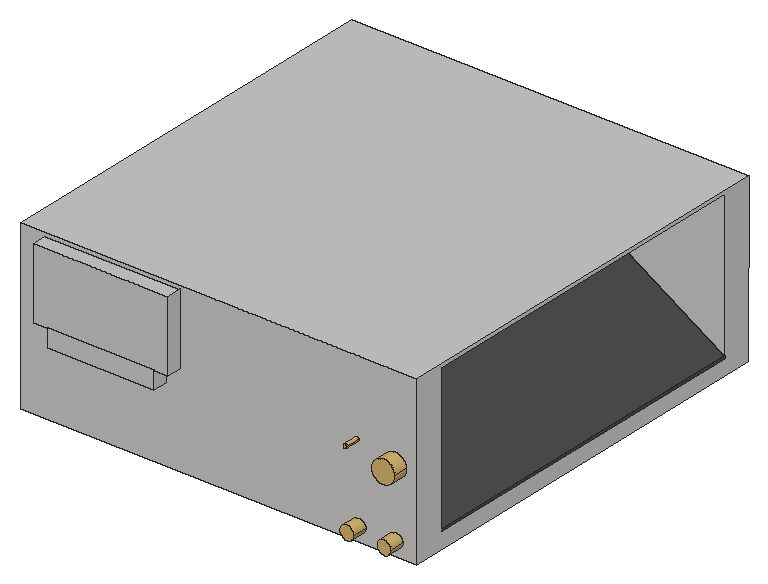
Revit family
Parameters (values of type "PEFY-P96NMHU-E")
  Unit Weight (LBS) = "221"
  Subcategory = "HVAC"  # constant formula
  Specification URL = "http://www.mrslim.com/customerCare/resources.asp"
  Sound Pressure Levels (dB(A)) = "54"
  SmartBIM Object Version = 3  # constant formula
  SmartBIM Object Created By = "Reed Construction Data"  # constant formula
  Refrigerant Liquid (R410A) = "1/4\" flare"
  Refrigerant Liquid (R22) = "3/8\" flare"
  Refrigerant Gas (R410A) = "1/2\" flare"
  Refrigerant Gas (R22) = "5/8\" flare"
  Refirigerant Pipe diameter (Liquid) = "3/8\""
  Refirigerant Pipe diameter (Gas) = "7/8\""
  Power Source = "208-230V, 1 phase, 60Hz"
  Power Input Heating = "0.188 / 0.207 kW"
  Power Input Cooling = "0.188 / 0.207 kW"
  Piping Diameter  Low Pressure = ""
  Overall Width (A) = 4' - 1.22047"
  Overall Height = 1' - 6.5315"
  Motor Type = "Single phase induction motor"
  Motor Output = "0.130 kW"
  Model = "PEFY-P96NMHU-E"
  Manufacturer URL = "http://www.mrslim.com/customerCare/resources.asp"
  Manufacturer = "Mitsubishi Electric"  # constant formula
  MOCP = "15 A"
  MCA = "7.12/7.85"
  Liquid Pipe = 0' - 0.19685"
  Installation URL = "http://www.mrslim.com/customerCare/resources.asp"
  Heating Capacity (BTU) = "108000"
  Gas Connector Pipe = 0' - 0.76772"
  GENERAL FEATURES -05 = "Quiet operation: 25-54 dB(A)"
  GENERAL FEATURES -04 = "Multiple sizes up to 96,000 Btu/h"
  GENERAL FEATURES -03 = "High external static pressure capabilities"
  GENERAL FEATURES -02 = "Ducted fan coil supports multiple configurations for flexible installation"
  GENERAL FEATURES -01 = "R410A or R22 refrigerant-compatible"
  Filter box (Option) = "PAC-KE63TB-F"
  Fan capacity (CFM) = "2541"
  External Material = Galvanized Steel Plate
  E.S.P (In. W.G.) = ".40-.80"
  Duct Width = 1' - 3.07874"  # constant formula
  Duct Height = 0' - 7.87402"  # constant formula
  DrainPipe Dimensions = "1-1/4"
  Drain Hole Radius = 0' - 1.25984"  # constant formula
  Description = "Ceiling Concealed Ducted High Static"  # constant formula
  Depth = 3' - 8.12598"
  built-in parameter 1001320 = 4' - 0"
  Default Elevation = 4' - 0"
  Current Heating = "0.96-1.06 A"
  Current Cooling = "0.96-1.06 A"
  Cooling Capacity (BTU) = "96000"
  Connectors = Metal Gold
  Coil Type = "Cross fin"
  Assembly Code = "D3050200"
  Air Outlet Unit Material = Metal Grill
  Air Outlet Opening Height = Overall Height - 0' 2.40157"  # 1' - 4.12992"
  Air Outlet Opening Width = 3' - 3.37008"
  Air Inlet Unit Material = Grille
  Air Inlet Opening Width = 3' - 5.33858"
  Air Inlet Opening Height = Overall Height - 0' 0.7874"  # 1' - 5.74409"
  Air Filter = "Filter must be procured locally"
  95 CSI = "15760"  # constant formula
  04 CSI = "23 82 19 "  # constant formula
  *Heating capacity conditions = "Heating: Indoor 70°F (21°C) DB, Outdoor 47°F (8°C) DB / 43°F (6°C) WB"
  *Cooling capacity conditions = "Cooling: Indoor 80°F (27°C) DB / 67°F (19°C) WB, Outdoor 95°F (35°C) DB"
  (Option) Long-life filter = "PAC-KE86LAF"
  (Option) Drain pump kit = "PAC-KE04DM-F"
  (Option) Condensate pump = "SI1730-230"
  # of Blinds = Air Inlet Opening Width / 0' 1.5748"  # 26
Types (11): name | Unit Weight (LBS) | Sound Pressure Levels (dB(A)) | Refirigerant Pipe diameter (Liquid) | Refirigerant Pipe diameter (Gas) | Overall Width (A) | Overall Height | Model | MCA | Liquid Pipe | Heating Capacity (BTU) | Gas Connector Pipe | Fan capacity (CFM) | Depth | Cooling Capacity (BTU) | Air Outlet Opening Height | Air Outlet Opening Width | Air Inlet Opening Width | Air Inlet Opening Height | # of Blinds
  (no name) | "221" | "54" | "3/8\"" | "7/8\"" | 4' - 1.22047" | 1' - 6.5315" | "PEFY-P96NMHU-E" | "7.12/7.85" | 0' - 0.19685" | "108000" | 0' - 0.76772" | "2541" | 3' - 8.12598" | "96000" | 1' - 4.12992" | 3' - 3.37008" | 3' - 5.33858" | 1' - 5.74409" | 26
  PEFY-P15NMHU-E | "98" | "34-39" | "1/4\"" | "1/2\"" | 2' - 5.5315" | 1' - 2.9685" | "PEFY-P15NMHU-E" | "1.20/1.33" | 0' - 0.25197" | "17000" | 0' - 0 1/2" | "353-494" | 2' - 11.43701" | "15000" | 1' - 0.56693" | 1' - 9.65354" | 1' - 11.62205" | 1' - 2.1811" | 15
  PEFY-P18NMHU-E | "100" | "34-39" | "1/4\"" | "1/2\"" | 2' - 5 17/32" | 1' - 2 31/32" | "PEFY-P18NMHU-E" | "1.20/1.33" | 0' - 0 3/8" | "20000" | 0' - 0 5/8" | "353-494" | 2' - 11 7/16" | "18000" | 1' - 0.56718" | 1' - 9 167/256" | 1' - 11 159/256" | 1' - 2.18135" | 15
  PEFY-P24NMHU-E | "100" | "36-41" | "3/8\"" | "5/8\"" | 2' - 5 17/32" | 1' - 2 31/32" | "PEFY-P24NMHU-E" | "1.57/1.73" | 0' - 0 3/8" | "27000" | 0' - 0 5/8" | " 477-671" | 2' - 11 7/16" | "24000" | 1' - 0.56718" | 1' - 9 167/256" | 1' - 11 159/256" | 1' - 2.18135" | 15
  PEFY-P27NMHU-E | "111" | "35-41" | "3/8\"" | "5/8\"" | 3' - 3 3/8" | 1' - 2 31/32" | "PEFY-P27NMHU-E" | "1.72/1.89" | 0' - 0 25/128" | "30000" | 0' - 0 5/8" | "547-777" | 2' - 11 7/16" | "27000" | 1' - 0.56718" | 2' - 7 127/256" | 2' - 9 119/256" | 1' - 2.18135" | 21
  PEFY-P30NMHU-E | "111" | "38-43" | "3/8\"" | "5/8\"" | 3' - 3 3/8" | 1' - 2 31/32" | "PEFY-P30NMHU-E" | "1.20 /1.33 A" | 0' - 0 25/128" | "34000" | 0' - 0 5/8" | "636-883" | 2' - 11 7/16" | "30000" | 1' - 0.56718" | 2' - 7 127/256" | 2' - 9 119/256" | 1' - 2.18135" | 21
  PEFY-P36NMHU-E | "155" | "38-44" | "3/8\"" | "5/8\"" | 3' - 11 1/4" | 1' - 2 31/32" | "PEFY-P36NMHU-E" | "4.23/4.67" | 0' - 0 25/128" | "40000" | 0' - 0 197/256" | "936-1342" | 2' - 11 7/16" | "36000" | 1' - 0.56718" | 3' - 3 95/256" | 3' - 5 87/256" | 1' - 2.18135" | 26
  PEFY-P48NMHU-E | "155" | "38-44" | "3/8\"" | "5/8\"" | 3' - 11 1/4" | 1' - 2 31/32" | "PEFY-P48NMHU-E" | "4.23/4.67" | 0' - 0 25/128" | "54000" | 0' - 0 197/256" | "936-1342" | 2' - 11 7/16" | "48000" | 1' - 0.56718" | 3' - 3 95/256" | 3' - 5 87/256" | 1' - 2.18135" | 26
  PEFY-P54NMHU-E | "155" | "38-44" | "3/8\"" | "5/8\"" | 3' - 11 1/4" | 1' - 2 31/32" | "PEFY-P54NMHU-E" | "4.29/4.73" | 0' - 0 25/128" | "60000" | 0' - 0 197/256" | "936-1342" | 2' - 11 7/16" | "54000" | 1' - 0.56718" | 3' - 3 95/256" | 3' - 5 87/256" | 1' - 2.18135" | 26
  PEFY-P72NMHU-E | "221" | "47" | "3/8\"" | "3/4\"" | 4' - 1 7/32" | 1' - 6 17/32" | "PEFY-P72NMHU-E" | "5.60/6.18" | 0' - 0 65/256" | "80000" | 0' - 0 197/256" | "2048" | 3' - 8 1/8" | "72000" | 1' - 4.12968" | 3' - 3 95/256" | 3' - 5 87/256" | 1' - 5.74385" | 26
  PEFY-P96NMHU-E | "221" | "54" | "3/8\"" | "7/8\"" | 4' - 1.22047" | 1' - 6.5315" | "PEFY-P96NMHU-E" | "7.12/7.85" | 0' - 0.19685" | "108000" | 0' - 0.76772" | "2541" | 3' - 8.12598" | "96000" | 1' - 4.12992" | 3' - 3.37008" | 3' - 5.33858" | 1' - 5.74409" | 26
Reference planes (in)
  plane 1 "Center (Front/Back)": y = -3.21394
  plane 2: z = 0
  plane 3 "Center (Left/Right)": x = -5.98444
  plane 4: x = -28.04744
  plane 5: x = 16.07855
  plane 6: y = -27.82418
  plane 7: y = 21.39629
  plane 8: y = 19.78212
  plane 9: y = -26.21
  plane 10: x = -25.68523
  plane 11: x = 13.71634
  plane 12: z = 18.5315
  plane 13: z = 18.1378
  plane 14: y = 17.45535
  plane 15: z = 0.3937
  plane 16: y = -23.88323
  plane 17: y = 16.4711
  plane 18: y = -22.89898
  plane 19: x = -25.29153
  plane 20: x = -10.32869
  plane 21: z = 10.26378
  plane 22: z = 8.29528
  plane 23: x = -23.71673
  plane 24: x = -11.90349
  plane 25: y = -53.76906
  plane 26: x = -20.17342
  plane 27: y = -36.05252
  plane 28: x = -2.45688
Forms (in)
  Extrusion 1, solid, material "Galvanized Steel Plate" <- "External Material"
    sketch origin (-5.98444, 0, 0) x (0, 1, 0) y (0, 0, 1)
      loop
        line (19.78212, 18.5315) -> (-26.21, 18.5315) -> (-26.21, 0) -> (19.78212, 0) -> (19.78212, 18.5315)
    from -22.06299 to 22.06299
  Extrusion 2, void
    sketch origin (-5.98444, 0, 0) x (0, 1, 0) y (0, 0, 1)
      loop
        line (17.45535, 18.1378) -> (-23.88323, 18.1378) -> (-23.88323, 0.3937) -> (17.45535, 0.3937) -> (17.45535, 18.1378)
    from -22.06299 to -19.70079
  Extrusion 3, void
    sketch origin (16.07855, 36.52144, 48) x (0, -1, 0) y (0, 0, 1)
      loop
        line (59.42042, -29.8622) -> (20.05034, -29.8622) -> (20.05034, -45.99213) -> (59.42042, -45.99213) -> (59.42042, -29.8622)
    from 0 to 22.06299
  Extrusion 4, solid, material "Galvanized Steel Plate" <- "External Material"
    sketch origin (-5.98444, 0, 0) x (0, 1, 0) y (0, 0, 1)
      loop
        line (-27.82418, 10.26378) -> (-26.21, 10.26378) -> (-26.21, 18.1378) -> (-27.82418, 18.1378) -> (-27.82418, 10.26378)
    from -4.34424 to -19.30709
  Extrusion 5, solid, material "Galvanized Steel Plate" <- "External Material"
    sketch origin (0, -3.21394, 0) x (1, 0, 0) y (0, 0, 1)
      loop
        line (-23.71673, 8.29528) -> (-11.90349, 8.29528) -> (-11.90349, 10.26378) -> (-23.71673, 10.26378) -> (-23.71673, 8.29528)
    from 22.99606 to 24.61024
  Extrusion 6, void
    sketch origin (0, 65.76518, 18.5315) x (-1, 0, 0) y (0, 1, 0)
      loop
        line (20.3885, -48.30983) -> (5.94507, -48.30983) -> (5.94507, -89.64841) -> (20.3885, -89.64841) -> (20.3885, -48.30983)
    from 13.77953 to 14.17323
  Extrusion 7, solid, material "Galvanized Steel Plate" <- "External Material"
    sketch origin (-9.93498, -8.85827, 0) x (0, 1, 0) y (0, 0, 1)
      loop
        line (-15.02496, 0.3937) -> (-15.02496, 0.27142) -> (-14.04071, 0.00769) -> (-14.04071, 0.12997) -> (-15.02496, 0.3937)
    from -14.79776 to -0.3937
  Extrusion 8, solid, material "Galvanized Steel Plate" <- "External Material"
    sketch origin (-5.59074, 31.49606, 0) x (0, 1, 0) y (0, 0, 1)
      loop
        line (-15.02496, 0.3937) -> (-15.02496, 0.27142) -> (-14.04071, 0.00769) -> (-14.04071, 0.12997) -> (-15.02496, 0.3937)
    from -14.79776 to -0.3937
  Extrusion 9, solid, material "Galvanized Steel Plate" <- "External Material"
    sketch origin (-9.76121, -7.24409, 0) x (0, 1, 0) y (0, 0, 1)
      loop
        line (-15.02496, 0.3937) -> (-15.02496, 0.27142) -> (-14.04071, 0.00769) -> (-14.04071, 0.12997) -> (-15.02496, 0.3937)
    from -14.79776 to -0.3937
  Extrusion 10, solid, material "Galvanized Steel Plate" <- "External Material"
    sketch origin (-9.58745, -5.62992, 0) x (0, 1, 0) y (0, 0, 1)
      loop
        line (-15.02496, 0.3937) -> (-15.02496, 0.27142) -> (-14.04071, 0.00769) -> (-14.04071, 0.12997) -> (-15.02496, 0.3937)
    from -14.79776 to -0.3937
  Extrusion 11, solid, material "Galvanized Steel Plate" <- "External Material"
    sketch origin (-9.41368, -4.01575, 0) x (0, 1, 0) y (0, 0, 1)
      loop
        line (-15.02496, 0.3937) -> (-15.02496, 0.27142) -> (-14.04071, 0.00769) -> (-14.04071, 0.12997) -> (-15.02496, 0.3937)
    from -14.79776 to -0.3937
  Extrusion 12, solid, material "Galvanized Steel Plate" <- "External Material"
    sketch origin (-9.23991, -2.40157, 0) x (0, 1, 0) y (0, 0, 1)
      loop
        line (-15.02496, 0.3937) -> (-15.02496, 0.27142) -> (-14.04071, 0.00769) -> (-14.04071, 0.12997) -> (-15.02496, 0.3937)
    from -14.79776 to -0.3937
  Extrusion 13, solid, material "Galvanized Steel Plate" <- "External Material"
    sketch origin (-9.06614, -0.7874, 0) x (0, 1, 0) y (0, 0, 1)
      loop
        line (-15.02496, 0.3937) -> (-15.02496, 0.27142) -> (-14.04071, 0.00769) -> (-14.04071, 0.12997) -> (-15.02496, 0.3937)
    from -14.79776 to -0.3937
  Extrusion 14, solid, material "Galvanized Steel Plate" <- "External Material"
    sketch origin (-8.89237, 0.82677, 0) x (0, 1, 0) y (0, 0, 1)
      loop
        line (-15.02496, 0.3937) -> (-15.02496, 0.27142) -> (-14.04071, 0.00769) -> (-14.04071, 0.12997) -> (-15.02496, 0.3937)
    from -14.79776 to -0.3937
  Extrusion 15, solid, material "Galvanized Steel Plate" <- "External Material"
    sketch origin (-8.7186, 2.44094, 0) x (0, 1, 0) y (0, 0, 1)
      loop
        line (-15.02496, 0.3937) -> (-15.02496, 0.27142) -> (-14.04071, 0.00769) -> (-14.04071, 0.12997) -> (-15.02496, 0.3937)
    from -14.79776 to -0.3937
  Extrusion 16, solid, material "Galvanized Steel Plate" <- "External Material"
    sketch origin (-8.54483, 4.05512, 0) x (0, 1, 0) y (0, 0, 1)
      loop
        line (-15.02496, 0.3937) -> (-15.02496, 0.27142) -> (-14.04071, 0.00769) -> (-14.04071, 0.12997) -> (-15.02496, 0.3937)
    from -14.79776 to -0.3937
  Extrusion 17, solid, material "Galvanized Steel Plate" <- "External Material"
    sketch origin (-8.37106, 5.66929, 0) x (0, 1, 0) y (0, 0, 1)
      loop
        line (-15.02496, 0.3937) -> (-15.02496, 0.27142) -> (-14.04071, 0.00769) -> (-14.04071, 0.12997) -> (-15.02496, 0.3937)
    from -14.79776 to -0.3937
  Extrusion 18, solid, material "Galvanized Steel Plate" <- "External Material"
    sketch origin (-8.19729, 7.28346, 0) x (0, 1, 0) y (0, 0, 1)
      loop
        line (-15.02496, 0.3937) -> (-15.02496, 0.27142) -> (-14.04071, 0.00769) -> (-14.04071, 0.12997) -> (-15.02496, 0.3937)
    from -14.79776 to -0.3937
  Extrusion 19, solid, material "Galvanized Steel Plate" <- "External Material"
    sketch origin (-8.02352, 8.89764, 0) x (0, 1, 0) y (0, 0, 1)
      loop
        line (-15.02496, 0.3937) -> (-15.02496, 0.27142) -> (-14.04071, 0.00769) -> (-14.04071, 0.12997) -> (-15.02496, 0.3937)
    from -14.79776 to -0.3937
  Extrusion 20, solid, material "Galvanized Steel Plate" <- "External Material"
    sketch origin (-7.84975, 10.51181, 0) x (0, 1, 0) y (0, 0, 1)
      loop
        line (-15.02496, 0.3937) -> (-15.02496, 0.27142) -> (-14.04071, 0.00769) -> (-14.04071, 0.12997) -> (-15.02496, 0.3937)
    from -14.79776 to -0.3937
  Extrusion 21, solid, material "Galvanized Steel Plate" <- "External Material"
    sketch origin (-7.67598, 12.12598, 0) x (0, 1, 0) y (0, 0, 1)
      loop
        line (-15.02496, 0.3937) -> (-15.02496, 0.27142) -> (-14.04071, 0.00769) -> (-14.04071, 0.12997) -> (-15.02496, 0.3937)
    from -14.79776 to -0.3937
  Extrusion 22, solid, material "Grille" <- "Air Inlet Unit Material"
    sketch origin (16.07855, 36.52144, 48) x (0, 1, 0) y (0, 0, 1)
      loop
        line (-19.06609, -47.6063) -> (-19.06609, -29.8622) -> (-60.40467, -29.8622) -> (-60.40467, -47.6063) -> (-19.06609, -47.6063)
    from -44.12598 to -43.61417
  Extrusion 23, solid, material "Metal Grill" <- "Air Outlet Unit Material"
    sketch origin (0, -3.21394, 0) x (1, 0, 0) y (0, 0, 1)
      loop
        line (16.07855, 2.00787) -> (-10.32869, 18.1378) -> (-10.32869, 17.9265) -> (16.07855, 1.79658) -> (16.07855, 2.00787)
    from -19.68504 to 19.68504
  Extrusion 24, solid, material "Galvanized Steel Plate" <- "External Material"
    sketch origin (0, -3.21394, 0) x (1, 0, 0) y (0, 0, 1)
      loop
        line (-17.81011, 0.3937) -> (-17.81011, 0) -> (-17.50576, 0) -> (-17.50576, 0.3937) -> (-17.81011, 0.3937)
    from -20.66929 to 20.66929
  Extrusion 25, solid, material "Metal Gold" <- "Connectors"
    sketch origin (0, -3.21394, 0) x (1, 0, 0) y (0, 0, 1)
      loop
        circle (13.69527, 1.55512) r 0.76772
    from 22.99606 to 24.61024
  Extrusion 26, solid, material "Metal Gold" <- "Connectors"
    sketch origin (-4.13386, -3.21394, 0) x (1, 0, 0) y (0, 0, 1)
      loop
        circle (13.69527, 1.5748) r 0.76772
    from 22.99606 to 24.61024
  Extrusion 27, solid, material "Metal Gold" <- "Connectors"
    sketch origin (-4.13386, -3.21394, 3.14961) x (1, 0, 0) y (0, 0, 1)
      loop
        circle (13.47973, 6.9914) r 0.19685
    from 22.99606 to 24.61024
  Extrusion 28, solid, material "Metal Gold" <- "Connectors"
    sketch origin (-0.09843, -3.21394, 3.14961) x (1, 0, 0) y (0, 0, 1)
      loop
        circle (13.69527, 5.93307) r 1.25984
    from 22.99606 to 24.61024
  Extrusion 29, solid, material "Galvanized Steel Plate" <- "External Material"
    sketch origin (-7.50221, 13.74016, 0) x (0, 1, 0) y (0, 0, 1)
      loop
        line (-15.02496, 0.3937) -> (-15.02496, 0.27142) -> (-14.04071, 0.00769) -> (-14.04071, 0.12997) -> (-15.02496, 0.3937)
    from -14.79776 to -0.3937
  Extrusion 30, solid, material "Galvanized Steel Plate" <- "External Material"
    sketch origin (-7.32844, 15.35433, 0) x (0, 1, 0) y (0, 0, 1)
      loop
        line (-15.02496, 0.3937) -> (-15.02496, 0.27142) -> (-14.04071, 0.00769) -> (-14.04071, 0.12997) -> (-15.02496, 0.3937)
    from -14.79776 to -0.3937
  Extrusion 31, solid, material "Galvanized Steel Plate" <- "External Material"
    sketch origin (-7.15467, 16.9685, 0) x (0, 1, 0) y (0, 0, 1)
      loop
        line (-15.02496, 0.3937) -> (-15.02496, 0.27142) -> (-14.04071, 0.00769) -> (-14.04071, 0.12997) -> (-15.02496, 0.3937)
    from -14.79776 to -0.3937
  Extrusion 32, solid, material "Galvanized Steel Plate" <- "External Material"
    sketch origin (-6.9809, 18.58268, 0) x (0, 1, 0) y (0, 0, 1)
      loop
        line (-15.02496, 0.3937) -> (-15.02496, 0.27142) -> (-14.04071, 0.00769) -> (-14.04071, 0.12997) -> (-15.02496, 0.3937)
    from -14.79776 to -0.3937
  Extrusion 33, solid, material "Galvanized Steel Plate" <- "External Material"
    sketch origin (-6.80713, 20.19685, 0) x (0, 1, 0) y (0, 0, 1)
      loop
        line (-15.02496, 0.3937) -> (-15.02496, 0.27142) -> (-14.04071, 0.00769) -> (-14.04071, 0.12997) -> (-15.02496, 0.3937)
    from -14.79776 to -0.3937
  Extrusion 34, solid, material "Galvanized Steel Plate" <- "External Material"
    sketch origin (-6.63336, 21.81102, 0) x (0, 1, 0) y (0, 0, 1)
      loop
        line (-15.02496, 0.3937) -> (-15.02496, 0.27142) -> (-14.04071, 0.00769) -> (-14.04071, 0.12997) -> (-15.02496, 0.3937)
    from -14.79776 to -0.3937
  Extrusion 35, solid, material "Galvanized Steel Plate" <- "External Material"
    sketch origin (-6.45959, 23.4252, 0) x (0, 1, 0) y (0, 0, 1)
      loop
        line (-15.02496, 0.3937) -> (-15.02496, 0.27142) -> (-14.04071, 0.00769) -> (-14.04071, 0.12997) -> (-15.02496, 0.3937)
    from -14.79776 to -0.3937
  Extrusion 36, solid, material "Galvanized Steel Plate" <- "External Material"
    sketch origin (-6.28582, 25.03937, 0) x (0, 1, 0) y (0, 0, 1)
      loop
        line (-15.02496, 0.3937) -> (-15.02496, 0.27142) -> (-14.04071, 0.00769) -> (-14.04071, 0.12997) -> (-15.02496, 0.3937)
    from -14.79776 to -0.3937
  Extrusion 37, solid, material "Galvanized Steel Plate" <- "External Material"
    sketch origin (-6.11205, 26.65354, 0) x (0, 1, 0) y (0, 0, 1)
      loop
        line (-15.02496, 0.3937) -> (-15.02496, 0.27142) -> (-14.04071, 0.00769) -> (-14.04071, 0.12997) -> (-15.02496, 0.3937)
    from -14.79776 to -0.3937
  Extrusion 38, solid, material "Galvanized Steel Plate" <- "External Material"
    sketch origin (-5.93828, 28.26772, 0) x (0, 1, 0) y (0, 0, 1)
      loop
        line (-15.02496, 0.3937) -> (-15.02496, 0.27142) -> (-14.04071, 0.00769) -> (-14.04071, 0.12997) -> (-15.02496, 0.3937)
    from -14.79776 to -0.3937
  Extrusion 39, solid, material "Galvanized Steel Plate" <- "External Material"
    sketch origin (-5.76451, 29.88189, 0) x (0, 1, 0) y (0, 0, 1)
      loop
        line (-15.02496, 0.3937) -> (-15.02496, 0.27142) -> (-14.04071, 0.00769) -> (-14.04071, 0.12997) -> (-15.02496, 0.3937)
    from -14.79776 to -0.3937
Cuts and joins
  Extrusion 2, Extrusion 3, Extrusion 6 cuts Extrusion 1
  Extrusion 6 cuts Extrusion 4
  Extrusion 6 cuts Extrusion 5
Lines and regions (in)
  symbolic lines, style "Clearances"
    curve 1: line (-28.04744, -53.76906, 18.5315) -> (16.07855, -53.76906, 18.5315)
    curve 2: line (-28.04744, 19.78212, 18.5315) -> (-28.04744, -53.76906, 18.5315)
    curve 3: line (16.07855, 19.78212, 18.5315) -> (-28.04744, 19.78212, 18.5315)
    curve 4: line (16.07855, -53.76906, 18.5315) -> (16.07855, 19.78212, 18.5315)
    curve 5: line (-2.45688, -53.76906, 18.5315) -> (-2.45688, -36.05252, 18.5315)
    curve 6: line (-2.45688, -36.05252, 18.5315) -> (-20.17342, -36.05252, 18.5315)
    curve 7: line (-20.17342, -36.05252, 18.5315) -> (-20.17342, -53.76906, 18.5315)
    curve 8: line (-20.17342, -53.76906, 18.5315) -> (-2.45688, -36.05252, 18.5315)
    curve 9: line (-2.45688, -53.76906, 18.5315) -> (-20.17342, -36.05252, 18.5315)
    curve 10: line (-28.04744, -26.21, 18.5315) -> (16.07855, -26.21, 18.5315)
Dimensions and locks (in)
  equal spacing: plane 4, plane 3 "Center (Left/Right)", plane 5
  "Depth": plane 4 to plane 5
  equal spacing: plane 7, plane 1 "Center (Front/Back)", plane 6
  "Overall Width (A)": plane 7 to plane 6
  locked: plane 4 to plane 10 at 2.3622
  locked: plane 11 to plane 5 at 2.3622
  "Overall Height": plane 12 to level
  plane 12 to plane 13 = 0' - 0.3937"
  locked: plane 15 to level at 0.3937
  plane 13 to plane 15 = 1' - 5.74409"
  equal spacing: plane 16, plane 1 "Center (Front/Back)", plane 14
  "Air Inlet Opening Width": plane 16 to plane 14
  equal spacing: plane 18, plane 1 "Center (Front/Back)", plane 17
  "Air Outlet Opening Width": plane 18 to plane 17
  locked: plane 10 to plane 19 at 0.3937
  plane 19 to plane 20 = 1' - 2.96284"
  "Duct Height": plane 13 to plane 21
  locked: plane 21 to plane 22 at 1.9685
  locked: plane 20 to plane 24 at 1.5748
  locked: plane 23 to plane 19 at 1.5748
  locked: Extrusion 7 sketch curve to Extrusion 7 sketch curve at 0.11811
  locked: Extrusion 8 sketch curve to Extrusion 8 sketch curve at 0.11811
  equal spacing: group 1, group 3, group 4, group 5, group 6, group 7, group 8, group 9, group 10, group 11, group 12, group 13, group 14, group 15, group 16, group 17, group 18, group 19, group 20, group 21, group 22, group 23, group 24, group 25, group 26, group 2  (x3)
  locked: Extrusion 9 sketch curve to Extrusion 9 sketch curve at 0.11811
  locked: Extrusion 10 sketch curve to Extrusion 10 sketch curve at 0.11811
  locked: Extrusion 11 sketch curve to Extrusion 11 sketch curve at 0.11811
  locked: Extrusion 12 sketch curve to Extrusion 12 sketch curve at 0.11811
  locked: Extrusion 13 sketch curve to Extrusion 13 sketch curve at 0.11811
  locked: Extrusion 14 sketch curve to Extrusion 14 sketch curve at 0.11811
  locked: Extrusion 15 sketch curve to Extrusion 15 sketch curve at 0.11811
  locked: Extrusion 16 sketch curve to Extrusion 16 sketch curve at 0.11811
  locked: Extrusion 17 sketch curve to Extrusion 17 sketch curve at 0.11811
  locked: Extrusion 18 sketch curve to Extrusion 18 sketch curve at 0.11811
  locked: Extrusion 19 sketch curve to Extrusion 19 sketch curve at 0.11811
  locked: Extrusion 20 sketch curve to Extrusion 20 sketch curve at 0.11811
  locked: Extrusion 21 sketch curve to Extrusion 21 sketch curve at 0.11811
  locked: Extrusion 22 to Extrusion 22 at 0.51181
  locked: Extrusion 3 sketch curve to plane 15 at 1.61417
  locked: Extrusion 24 sketch curve to Extrusion 24 sketch curve at 0.30435
  Extrusion 6 sketch curve to Extrusion 6 sketch curve = 1' - 2.44343"
  equal spacing: plane 20, Extrusion 24 sketch curve, plane 19
  locked: cut or joined group of Extrusion 4, Extrusion 6 to plane 9 at 1.61417
  locked: plane 7 to plane 8 at 1.61417
  locked: plane 6 to plane 9 at 1.61417
  locked: Extrusion 25 sketch curve to level at 0.7874
  locked: Extrusion 23 sketch curve to Extrusion 23 sketch curve at 0.21129  (x2)
  locked: plane 4 to plane 26 at 7.87402
  locked: plane 26 to plane 28 at 17.71654
  locked: plane 25 to plane 9 at 27.55906
  locked: plane 25 to plane 27 at 17.71654
  locked: Extrusion 29 sketch curve to Extrusion 29 sketch curve at 0.11811
  locked: Extrusion 30 sketch curve to Extrusion 30 sketch curve at 0.11811
  locked: Extrusion 31 sketch curve to Extrusion 31 sketch curve at 0.11811
  locked: Extrusion 32 sketch curve to Extrusion 32 sketch curve at 0.11811
  locked: Extrusion 33 sketch curve to Extrusion 33 sketch curve at 0.11811
  locked: Extrusion 34 sketch curve to Extrusion 34 sketch curve at 0.11811
  locked: Extrusion 35 sketch curve to Extrusion 35 sketch curve at 0.11811
  locked: Extrusion 36 sketch curve to Extrusion 36 sketch curve at 0.11811
  locked: Extrusion 37 sketch curve to Extrusion 37 sketch curve at 0.11811
  locked: Extrusion 38 sketch curve to Extrusion 38 sketch curve at 0.11811
  locked: Extrusion 39 sketch curve to Extrusion 39 sketch curve at 0.11811
  "Gas Connector Pipe": radius of Extrusion 25 sketch curve
  "Gas Connector Pipe": radius of Extrusion 26 sketch curve
  "Drain Hole Radius": radius of Extrusion 28 sketch curve
  "Liquid Pipe": radius of Extrusion 27 sketch curve
  aligned and locked: plane 8 to Extrusion 1 sketch curve
  aligned and locked: plane 12 to Extrusion 1 sketch curve
  aligned and locked: level to Extrusion 1 sketch curve
  aligned and locked: plane 9 to Extrusion 1 sketch curve
  aligned and locked: Extrusion 1 to plane 4
  aligned and locked: plane 5 to Extrusion 1
  aligned and locked: plane 14 to Extrusion 2 sketch curve
  aligned and locked: plane 13 to Extrusion 2 sketch curve
  aligned and locked: plane 15 to Extrusion 2 sketch curve
  aligned and locked: plane 16 to Extrusion 2 sketch curve
  aligned and locked: Extrusion 2 to plane 4
  aligned and locked: plane 10 to Extrusion 2
  aligned and locked: plane 18 to Extrusion 3 sketch curve
  aligned and locked: plane 13 to Extrusion 3 sketch curve
  aligned and locked: plane 17 to Extrusion 3 sketch curve
  aligned and locked: plane 6 to Extrusion 4 sketch curve
  aligned and locked: Extrusion 4 sketch curve to plane 21
  aligned and locked: Extrusion 4 to plane 20
  aligned and locked: Extrusion 4 to plane 19
  aligned and locked: plane 23 to Extrusion 5 sketch curve
  aligned and locked: Extrusion 5 sketch curve to plane 22
  aligned and locked: plane 21 to Extrusion 5 sketch curve
  aligned and locked: Extrusion 5 sketch curve to plane 24
  aligned and locked: Extrusion 5 to cut or joined group of Extrusion 1, Extrusion 2, Extrusion 3, Extrusion 6
  aligned and locked: plane 14 to Extrusion 6 sketch curve
  aligned and locked: plane 16 to Extrusion 6 sketch curve
  aligned and locked: plane 14 to Extrusion 8
  aligned and locked: plane 15 to Extrusion 8
  aligned and locked: cut or joined group of Extrusion 1, Extrusion 2, Extrusion 3, Extrusion 6 to plane 3 "Center (Left/Right)"
  aligned and locked: cut or joined group of Extrusion 1, Extrusion 2, Extrusion 3, Extrusion 6 to Extrusion 22 sketch curve
  aligned and locked: Extrusion 22 sketch curve to cut or joined group of Extrusion 1, Extrusion 2, Extrusion 3, Extrusion 6  (x3)
  aligned and locked: Extrusion 22 to plane 4
  aligned and locked: Extrusion 23 sketch curve to plane 5
  aligned and locked: Extrusion 23 to cut or joined group of Extrusion 1, Extrusion 2, Extrusion 3, Extrusion 6
  aligned and locked: Extrusion 24 sketch curve to plane 15
  aligned and locked: level to Extrusion 24 sketch curve
  aligned and locked: plane 20 to Extrusion 7
  aligned and locked: cut or joined group of Extrusion 4, Extrusion 6 to plane 9
  aligned and locked: cut or joined group of Extrusion 4, Extrusion 6 to cut or joined group of Extrusion 5, Extrusion 6
  aligned and locked: plane 17 to Extrusion 23
  aligned and locked: plane 14 to Extrusion 24
  aligned and locked: plane 16 to Extrusion 24
  aligned and locked: plane 16 to Extrusion 7
  aligned and locked: Extrusion 25 to cut or joined group of Extrusion 1, Extrusion 2, Extrusion 3, Extrusion 6
  aligned and locked: Extrusion 26 to cut or joined group of Extrusion 1, Extrusion 2, Extrusion 3, Extrusion 6
  aligned and locked: Extrusion 27 to cut or joined group of Extrusion 1, Extrusion 2, Extrusion 3, Extrusion 6
  aligned and locked: Extrusion 28 to cut or joined group of Extrusion 1, Extrusion 2, Extrusion 3, Extrusion 6
  aligned and locked: cut or joined group of Extrusion 1, Extrusion 2, Extrusion 3, Extrusion 6 to Extrusion 25
  aligned and locked: cut or joined group of Extrusion 4, Extrusion 6 to Extrusion 27
  aligned and locked: cut or joined group of Extrusion 4, Extrusion 6 to Extrusion 28
  aligned and locked: Extrusion 26 to Extrusion 25
  aligned and locked: plane 6 to Extrusion 26
  aligned and locked: Extrusion 26 to Extrusion 27
  aligned and locked: Extrusion 26 to Extrusion 28
  aligned and locked: Extrusion 28 to Extrusion 26  (x2)
  aligned and locked: Extrusion 25 to Extrusion 26
  aligned and locked: plane 13 to Extrusion 23 sketch curve
  aligned and locked: Extrusion 23 sketch curve to plane 20
  aligned and locked: cut or joined group of Extrusion 1, Extrusion 2, Extrusion 3, Extrusion 6 to Extrusion 23 sketch curve
  aligned and locked: plane 4 to curve 2
  aligned and locked: plane 25 to curve 1
  aligned and locked: plane 26 to curve 7
  aligned and locked: plane 27 to curve 6
  aligned and locked: curve 5 to plane 28
  aligned and locked: curve 4 to plane 5
  aligned and locked: plane 9 to curve 10
  aligned and locked: plane 8 to curve 3
Automatic sketch dimensions
  Extrusion 7 sketch curve to Extrusion 7 sketch curve = 0' - 0.98425"
  Extrusion 7 sketch curve to Extrusion 7 sketch curve = 0' - 0.12228"
  Extrusion 8 sketch curve to Extrusion 8 sketch curve = 0' - 0.98425"
  Extrusion 8 sketch curve to Extrusion 8 sketch curve = 0' - 0.12228"
  Extrusion 9 sketch curve to Extrusion 9 sketch curve = 0' - 0.98425"
  Extrusion 9 sketch curve to Extrusion 9 sketch curve = 0' - 0.12228"
  Extrusion 10 sketch curve to Extrusion 10 sketch curve = 0' - 0.98425"
  Extrusion 10 sketch curve to Extrusion 10 sketch curve = 0' - 0.12228"
  Extrusion 11 sketch curve to Extrusion 11 sketch curve = 0' - 0.98425"
  Extrusion 11 sketch curve to Extrusion 11 sketch curve = 0' - 0.12228"
  Extrusion 12 sketch curve to Extrusion 12 sketch curve = 0' - 0.98425"
  Extrusion 12 sketch curve to Extrusion 12 sketch curve = 0' - 0.12228"
  Extrusion 13 sketch curve to Extrusion 13 sketch curve = 0' - 0.98425"
  Extrusion 13 sketch curve to Extrusion 13 sketch curve = 0' - 0.12228"
  Extrusion 14 sketch curve to Extrusion 14 sketch curve = 0' - 0.98425"
  Extrusion 14 sketch curve to Extrusion 14 sketch curve = 0' - 0.12228"
  Extrusion 15 sketch curve to Extrusion 15 sketch curve = 0' - 0.98425"
  Extrusion 15 sketch curve to Extrusion 15 sketch curve = 0' - 0.12228"
  Extrusion 16 sketch curve to Extrusion 16 sketch curve = 0' - 0.98425"
  Extrusion 16 sketch curve to Extrusion 16 sketch curve = 0' - 0.12228"
  Extrusion 17 sketch curve to Extrusion 17 sketch curve = 0' - 0.98425"
  Extrusion 17 sketch curve to Extrusion 17 sketch curve = 0' - 0.12228"
  Extrusion 18 sketch curve to Extrusion 18 sketch curve = 0' - 0.98425"
  Extrusion 18 sketch curve to Extrusion 18 sketch curve = 0' - 0.12228"
  Extrusion 19 sketch curve to Extrusion 19 sketch curve = 0' - 0.98425"
  Extrusion 19 sketch curve to Extrusion 19 sketch curve = 0' - 0.12228"
  Extrusion 20 sketch curve to Extrusion 20 sketch curve = 0' - 0.98425"
  Extrusion 20 sketch curve to Extrusion 20 sketch curve = 0' - 0.12228"
  Extrusion 21 sketch curve to Extrusion 21 sketch curve = 0' - 0.98425"
  Extrusion 21 sketch curve to Extrusion 21 sketch curve = 0' - 0.12228"
  Extrusion 4 sketch curve to plane 9 = 0' - 0"
  Extrusion 4 sketch curve to plane 13 = 0' - 0"
  plane 3 "Center (Left/Right)" to Extrusion 6 sketch curve = 0' - 0.03937"
  Extrusion 25 sketch curve to plane 11 = 0' - 0.02107"
  plane 15 to Extrusion 26 sketch curve = 0' - 1.1811"
  Extrusion 26 sketch curve to plane 11 = 0' - 4.15493"
  plane 22 to Extrusion 27 sketch curve = 0' - 1.84573"
  Extrusion 27 sketch curve to plane 11 = 0' - 4.37048"
  Extrusion 28 sketch curve to plane 11 = 0' - 0.1195"
  plane 22 to Extrusion 28 sketch curve = 0' - 0.7874"
  Extrusion 29 sketch curve to Extrusion 29 sketch curve = 0' - 0.98425"
  Extrusion 29 sketch curve to Extrusion 29 sketch curve = 0' - 0.12228"
  Extrusion 30 sketch curve to Extrusion 30 sketch curve = 0' - 0.98425"
  Extrusion 30 sketch curve to Extrusion 30 sketch curve = 0' - 0.12228"
  Extrusion 31 sketch curve to Extrusion 31 sketch curve = 0' - 0.98425"
  Extrusion 31 sketch curve to Extrusion 31 sketch curve = 0' - 0.12228"
  Extrusion 32 sketch curve to Extrusion 32 sketch curve = 0' - 0.98425"
  Extrusion 32 sketch curve to Extrusion 32 sketch curve = 0' - 0.12228"
  Extrusion 33 sketch curve to Extrusion 33 sketch curve = 0' - 0.98425"
  Extrusion 33 sketch curve to Extrusion 33 sketch curve = 0' - 0.12228"
  Extrusion 34 sketch curve to Extrusion 34 sketch curve = 0' - 0.98425"
  Extrusion 34 sketch curve to Extrusion 34 sketch curve = 0' - 0.12228"
  Extrusion 35 sketch curve to Extrusion 35 sketch curve = 0' - 0.98425"
  Extrusion 35 sketch curve to Extrusion 35 sketch curve = 0' - 0.12228"
  Extrusion 36 sketch curve to Extrusion 36 sketch curve = 0' - 0.98425"
  Extrusion 36 sketch curve to Extrusion 36 sketch curve = 0' - 0.12228"
  Extrusion 37 sketch curve to Extrusion 37 sketch curve = 0' - 0.98425"
  Extrusion 37 sketch curve to Extrusion 37 sketch curve = 0' - 0.12228"
  Extrusion 38 sketch curve to Extrusion 38 sketch curve = 0' - 0.98425"
  Extrusion 38 sketch curve to Extrusion 38 sketch curve = 0' - 0.12228"
  Extrusion 39 sketch curve to Extrusion 39 sketch curve = 0' - 0.98425"
  Extrusion 39 sketch curve to Extrusion 39 sketch curve = 0' - 0.12228"
Connectors (in)
  electrical at (-17.81011, -27.82418, 14.20079)
    settings: on Extrusion 4, index 1
  hvac at (-28.04744, -3.21394, 9.26575), driven by "Air Inlet Opening Width", driven by "Air Inlet Opening Height"
    settings: on cut or joined group of Extrusion 1, Extrusion 2, Extrusion 3, Extrusion 6, index 2
  hvac at (16.07855, -3.21394, 10.07283), driven by "Air Outlet Opening Height", driven by "Air Outlet Opening Width"
    settings: on cut or joined group of Extrusion 1, Extrusion 2, Extrusion 3, Extrusion 6, index 3
  electrical at (-17.81011, -27.82418, 9.27953)
    settings: on cut or joined group of Extrusion 5, Extrusion 6, index 4
  piping at (13.69527, -27.82418, 1.55512), driven by "Gas Connector Pipe"
    settings: on Extrusion 25, index 6
  piping at (9.34587, -27.82418, 10.14101), driven by "Liquid Pipe"
    settings: on Extrusion 27, index 7
  piping at (9.56141, -27.82418, 1.5748), driven by "Gas Connector Pipe"
    settings: on Extrusion 26, index 8
  piping at (13.59685, -27.82418, 9.08268), driven by "Drain Hole Radius"
    settings: on Extrusion 28, index 9
